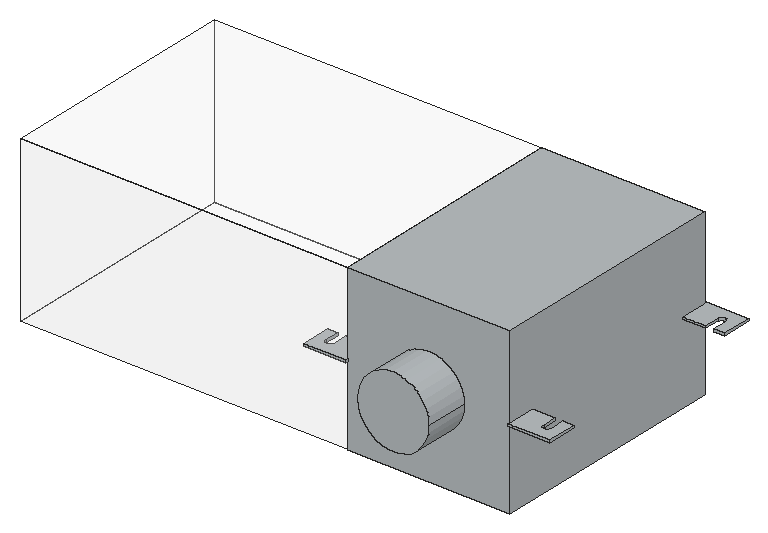
Revit family "bfs-15_240sg2_tg2_ta2_50Hz", category 機械設備, Revit 2019
Family settings
  丸型コネクタ寸法 = 直径を使用
  パーツ タイプ = 割り込み
  OmniClass 番号 = 23.75.35.17.27
  OmniClass タイトル = Centrifugal Fans
  作業面ベース = いいえ
  常に垂直 = はい
  ロード時にボイドで切り取り = いいえ
  共有 = いいえ
  部屋計算ポイント = はい
Parameters (values of type "BFS-15SG2")
  騒音レベル(dB(A))_吸込 = 28.5
  騒音レベル(dB(A))_吐出 = 32
  騒音レベル(dB(A))_側面 = 18
  騒音レベル(dB(A)) = 32
  風量 [instance] = 設計風量  # 0.0 m³/h
  電源種別 [instance] = "一般"
  電圧 = 100 V
  電動機出力 = 8 W
  電動機_種別 [instance] = ""
  運転質量 = 0.00 kg
  連動 [instance] = ""
  質量 = if(製品質量 > 運転質量, 製品質量, 運転質量) * 1.2  # 7.20 kg
  負荷分類 = 3_ファン類
  説明 = "ストレートシロッコファン天吊埋込タイプ（標準形）"
  設計風量 [instance] = 0.0 m³/h
  設置方法 = "天吊"
  記号 [instance] = ""
  製造元 = "三菱電機株式会社"
  製品質量 = 6.00 kg
  製品出荷対象 = "国内"
  製品リリース年月 = "2022年6月1日"
  製品グループ = ""
  系統 [instance] = ""
  符号 [instance] = if(☑給気／□排気, "FS", "FE")  # "FE"
  積算_科目 = "2 換気設備"
  積算_拾い区分 [instance] = ""
  相 = 1
  盤記号 [instance] = ""
  盤工事区分 = "電気工事"
  発停方法 [instance] = "別売スイッチ"
  番手 = "#1"
  特殊仕様 [instance] = ""
  火災停止 = ""
  消費電力 = 20.5 W
  法定耐用年数 = "15"
  機外静圧 [instance] = 0.0 Pa
  極数 = 2
  極 = 4
  材質 [instance] = ""
  本体マテリアル = 溶融亜鉛めっき鋼板
  操作・制御方式 = ""
  操作・制御スイッチ = ""
  排気量 [instance] = if(☑給気／□排気, 0.0 m³/h, 設計風量)  # 0.0 m³/h
  形式 = ""
  形名 = BFS-SG : BFS-15SG
  幹線記号 [instance] = ""
  対象室 [instance] = ""
  実風量 = 0.0 m³/h
  始動方式 [instance] = "直入"
  外気量 [instance] = if(☑給気／□排気, 設計風量, 0.0 m³/h)  # 0.0 m³/h
  呼称 = "消音ボックス付送風機"
  周波数 = 50 Hz
  天吊金具ピッチ幅 = 299 mm
  天吊金具ピッチ奥行 = 300 mm
  参照している仕様書等のバージョン = ""
  分類コード = "50052502100020"
  分類グループ = ""
  価格 = 42500
  企業コード = "108420"
  付属品_防振装置 = ""
  付属品 [instance] = ""
  仕様書バージョン = "Version1.0"
  モデル = "BFS-15SG2"
  ファンの種類 = "多翼形"
  ダクト径 = 100 mm
  サービススペース = yes
  コメント [instance] = ""
  Keynote = ""
  ☑給気／□排気 [instance] = no
  Width = 223 mm
  Version = ""
  Uniclass2015Version = "Systems v1.9"
  Uniclass2015Title = "Centrifugal fans"
  Uniclass2015Code = "Pr_65_67_29_12"
  URL = "https://www.mitsubishielectric.co.jp/ldg/wink/ssl/displayProduct.do?pid=319023"
  SpecificationReference = ""
  SpecificationDescription = ""
  Revision = ""
  ProductInformation = ""
  OmniClassCode = "23-33 31 19 13 15"
  MIN風量 = 108.0 m³/h
  MIN静圧 = 19.0 Pa
  MID風量 = 0.0 m³/h
  MID静圧 = 0.0 Pa
  MAX風量 = 150.0 m³/h
  MAX静圧 = 39.0 Pa
  M = 100 mm
  IfcTypeProduct = ""
  IfcProduct = ""
  IfcExportType = "CENTRIFUGALFORWARDCURVED"
  IfcExportAs = "IfcFanType"
  Height = 225 mm
  Depth = 335 mm
  Clearance Top = 0 mm  # constant formula
  Clearance Right = 0 mm  # constant formula
  Clearance Left = 450 mm  # constant formula
  Clearance Front = 0 mm  # constant formula
  Clearance Bottom = 0 mm  # constant formula
  Clearance Back = 0 mm  # constant formula
  Author = "三菱電機株式会社"
Types (18, lengths in mm): name | 騒音レベル(dB(A))_吸込 | 騒音レベル(dB(A))_吐出 | 騒音レベル(dB(A))_側面 | 騒音レベル(dB(A)) | 電圧 | 電動機出力 | 質量 | 製品質量 | 相 | 番手 | 消費電力 | 極数 | 形名 | 天吊金具ピッチ幅 | 天吊金具ピッチ奥行 | 参照している仕様書等のバージョン | 価格 | モデル | ダクト径 | Width | URL | MIN風量 | MIN静圧 | MAX風量 | MAX静圧 | M | Height | Depth
  BFS-15SG2 | 28.5 | 32 | 18 | 32 | 100 V | 8 W | 7.20 kg | 6.00 kg | 1 | "#1" | 20.5 W | 2 | BFS-SG : BFS-15SG | 299 | 300 | "" | 42500 | "BFS-15SG2" | 100 | 223 | "https://www.mitsubishielectric.co.jp/ldg/wink/ssl/displayProduct.do?pid=319023" | 108.0 m³/h | 19.0 Pa | 150.0 m³/h | 39.0 Pa | 100 | 225 | 335
  BFS-30SG2 | 36 | 40 | 22 | 40 | 100 V | 16 W | 7.20 kg | 6.00 kg | 1 | "#1" | 37 W | 2 | BFS-SG : BFS-30SG | 299 | 300 | "" | 61500 | "BFS-30SG2" | 150 | 223 | "https://www.mitsubishielectric.co.jp/ldg/wink/ssl/displayProduct.do?pid=319096" | 201.0 m³/h | 18.0 Pa | 300.0 m³/h | 39.0 Pa | 100 | 225 | 335
  BFS-40SG2 | 37.5 | 43 | 25.5 | 43 | 100 V | 25 W | 9.60 kg | 8.00 kg | 1 | "#1 1/4" | 57 W | 2 | BFS-SG : BFS-40SG | 331 | 353 | "" | 72600 | "BFS-40SG2" | 150 | 255 | "https://www.mitsubishielectric.co.jp/ldg/wink/ssl/displayProduct.do?pid=319101" | 291.0 m³/h | 30.0 Pa | 400.0 m³/h | 59.0 Pa | 100 | 255 | 388
  BFS-50SG2 | 36 | 48 | 24 | 48 | 100 V | 45 W | 12.60 kg | 10.50 kg | 1 | "#1 1/4" | 73.5 W | 2 | BFS-SG : BFS-50SG | 401 | 388 | "公共建築工事標準仕様書（機械設備工事編）平成31年度版" | 103000 | "BFS-50SG2" | 200 | 325 | "https://www.mitsubishielectric.co.jp/ldg/wink/ssl/displayProduct.do?pid=319109" | 418.0 m³/h | 97.0 Pa | 500.0 m³/h | 130.0 Pa | 100 | 255 | 423
  BFS-65SG2 | 36 | 51 | 27 | 51 | 100 V | 65 W | 15.60 kg | 13.00 kg | 1 | "#1 1/4" | 105 W | 2 | BFS-SG : BFS-65SG | 449 | 453 | "公共建築工事標準仕様書（機械設備工事編）平成31年度版" | 109000 | "BFS-65SG2" | 200 | 373 | "https://www.mitsubishielectric.co.jp/ldg/wink/ssl/displayProduct.do?pid=319120" | 546.0 m³/h | 83.0 Pa | 650.0 m³/h | 118.0 Pa | 100 | 305 | 488
  BFS-80SG2 | 39 | 52 | 28.5 | 52 | 100 V | 80 W | 16.20 kg | 13.50 kg | 1 | "#1 1/4" | 137 W | 2 | BFS-SG : BFS-80SG | 449 | 453 | "公共建築工事標準仕様書（機械設備工事編）平成31年度版" | 115000 | "BFS-80SG2" | 200 | 373 | "https://www.mitsubishielectric.co.jp/ldg/wink/ssl/displayProduct.do?pid=318896" | 650.0 m³/h | 64.0 Pa | 800.0 m³/h | 98.0 Pa | 100 | 305 | 488
  BFS-90SG2 | 39.5 | 55 | 31.5 | 55 | 100 V | 110 W | 18.60 kg | 15.50 kg | 1 | "#1 1/2" | 160 W | 2 | BFS-SG : BFS-90SG | 469 | 453 | "公共建築工事標準仕様書（機械設備工事編）平成31年度版" | 122000 | "BFS-90SG2" | 200 | 393 | "https://www.mitsubishielectric.co.jp/ldg/wink/ssl/displayProduct.do?pid=318809" | 745.0 m³/h | 88.0 Pa | 900.0 m³/h | 128.0 Pa | 100 | 305 | 488
  BFS-100SG2 | 42 | 57 | 32.5 | 57 | 100 V | 160 W | 19.20 kg | 16.00 kg | 1 | "#1 1/2" | 198 W | 2 | BFS-SG : BFS-100SG | 469 | 453 | "公共建築工事標準仕様書（機械設備工事編）平成31年度版" | 129000 | "BFS-100SG2" | 200 | 393 | "https://www.mitsubishielectric.co.jp/ldg/wink/ssl/displayProduct.do?pid=318845" | 914.0 m³/h | 121.0 Pa | 1000.0 m³/h | 145.0 Pa | 100 | 305 | 488
  BFS-120SG2 | 45.5 | 58 | 34 | 58 | 100 V | 200 W | 23.40 kg | 19.50 kg | 1 | "#1 1/2" | 277 W | 2 | BFS-SG : BFS-120SG | 467 | 555 | "公共建築工事標準仕様書（機械設備工事編）平成31年度版" | 140000 | "BFS-120SG2" | 250 | 391 | "https://www.mitsubishielectric.co.jp/ldg/wink/ssl/displayProduct.do?pid=318949" | 1088.0 m³/h | 180.0 Pa | 1200.0 m³/h | 220.0 Pa | 100 | 350 | 590
  BFS-150SG2 | 49 | 61.5 | 36.5 | 61.5 | 100 V | 340 W | 23.40 kg | 19.50 kg | 1 | "#1 1/2" | 388 W | 2 | BFS-SG : BFS-150SG | 467 | 555 | "公共建築工事標準仕様書（機械設備工事編）平成31年度版" | 149000 | "BFS-150SG2" | 250 | 391 | "https://www.mitsubishielectric.co.jp/ldg/wink/ssl/displayProduct.do?pid=318957" | 1350.0 m³/h | 145.0 Pa | 1500.0 m³/h | 180.0 Pa | 100 | 350 | 590
  BFS-80TG2 | 39 | 52 | 31 | 52 | 200 V | 80 W | 18.00 kg | 15.00 kg | 3 | "#1 1/4" | 124 W | 3 | BFS-TG : BFS-80TG | 449 | 453 | "公共建築工事標準仕様書（機械設備工事編）平成31年度版" | 115000 | "BFS-80TG2" | 200 | 373 | "https://www.mitsubishielectric.co.jp/ldg/wink/ssl/displayProduct.do?pid=318465" | 595.0 m³/h | 54.0 Pa | 800.0 m³/h | 98.0 Pa | 85 | 305 | 488
  BFS-90TG2 | 40 | 55 | 32 | 55 | 200 V | 100 W | 18.60 kg | 15.50 kg | 3 | "#1 1/2" | 159 W | 3 | BFS-TG : BFS-90TG | 469 | 453 | "公共建築工事標準仕様書（機械設備工事編）平成31年度版" | 122000 | "BFS-90TG2" | 200 | 393 | "https://www.mitsubishielectric.co.jp/ldg/wink/ssl/displayProduct.do?pid=318811" | 700.0 m³/h | 77.0 Pa | 900.0 m³/h | 128.0 Pa | 85 | 305 | 488
  BFS-100TG2 | 42 | 57 | 32.5 | 57 | 200 V | 150 W | 18.60 kg | 15.50 kg | 3 | "#1 1/2" | 180 W | 3 | BFS-TG : BFS-100TG | 469 | 453 | "公共建築工事標準仕様書（機械設備工事編）平成31年度版" | 129000 | "BFS-100TG2" | 200 | 393 | "https://www.mitsubishielectric.co.jp/ldg/wink/ssl/displayProduct.do?pid=318946" | 800.0 m³/h | 92.0 Pa | 1000.0 m³/h | 145.0 Pa | 85 | 305 | 488
  BFS-120TG2 | 45.5 | 58 | 34.5 | 58 | 200 V | 180 W | 23.40 kg | 19.50 kg | 3 | "#1 1/2" | 275 W | 3 | BFS-TG : BFS-120TG | 467 | 555 | "公共建築工事標準仕様書（機械設備工事編）平成31年度版" | 140000 | "BFS-120TG2" | 250 | 391 | "https://www.mitsubishielectric.co.jp/ldg/wink/ssl/displayProduct.do?pid=318953" | 895.0 m³/h | 120.0 Pa | 1200.0 m³/h | 220.0 Pa | 85 | 350 | 590
  BFS-150TG2 | 48.5 | 61.5 | 37 | 61.5 | 200 V | 280 W | 24.00 kg | 20.00 kg | 3 | "#1 1/2" | 355 W | 3 | BFS-TG : BFS-150TG | 467 | 555 | "公共建築工事標準仕様書（機械設備工事編）平成31年度版" | 149000 | "BFS-150TG2" | 250 | 391 | "https://www.mitsubishielectric.co.jp/ldg/wink/ssl/displayProduct.do?pid=318965" | 1165.0 m³/h | 108.0 Pa | 1500.0 m³/h | 180.0 Pa | 85 | 350 | 590
  BFS-180TG2 | 49 | 63.5 | 38 | 63.5 | 200 V | 360 W | 27.00 kg | 22.50 kg | 3 | "#1 1/2" | 445 W | 3 | BFS-TG : BFS-180TG | 552 | 610 | "公共建築工事標準仕様書（機械設備工事編）平成31年度版" | 170000 | "BFS-180TG2" | 250 | 476 | "https://www.mitsubishielectric.co.jp/ldg/wink/ssl/displayProduct.do?pid=319027" | 0.0 m³/h | 0.0 Pa | 1800.0 m³/h | 167.0 Pa | 85 | 350 | 645
  BFS-210TG2 | 52.5 | 66.5 | 39 | 66.5 | 200 V | 490 W | 27.00 kg | 22.50 kg | 3 | "#1 1/2" | 516 W | 3 | BFS-TG : BFS-210TG | 552 | 610 | "公共建築工事標準仕様書（機械設備工事編）平成31年度版" | 243000 | "BFS-210TG2" | 300 | 476 | "https://www.mitsubishielectric.co.jp/ldg/wink/ssl/displayProduct.do?pid=319036" | 0.0 m³/h | 0.0 Pa | 2100.0 m³/h | 191.0 Pa | 100 | 350 | 645
  BFS-240TA2 | 51.5 | 69 | 42 | 69 | 200 V | 1100 W | 39.60 kg | 33.00 kg | 3 | "#1 1/2" | 610 W | 3 | BFS-TG : BFS-240TA | 602 | 664 | "公共建築工事標準仕様書（機械設備工事編）平成31年度版" | 250000 | "BFS-240TA2" | 300 | 493 | "https://www.mitsubishielectric.co.jp/ldg/wink/ssl/displayProduct.do?pid=319087" | 0.0 m³/h | 0.0 Pa | 2400.0 m³/h | 220.0 Pa | 100 | 373 | 717
Reference planes
  plane 1 "中心(正面/背面)": y = 0
  plane 2: z = 0
  plane 3 "中心(左/右)": x = -50
  plane 4 "左": x = -161.5
  plane 5 "右": x = 61.5
  plane 6 "背面": y = 167.5
  plane 7 "正面": y = -167.5
  plane 8: z = 112.5
  plane 9: y = 150
  plane 10: y = -150
  plane 11: x = 99.5
  plane 12: x = -199.5
  plane 13: z = -112.5
  plane 14: y = 167.5
  plane 15: y = -167.5
  plane 16: x = 61.5
  plane 17: x = -611.5
  plane 18: z = 112.5
  plane 19: z = -112.5
Lines and regions (mm)
  Masking region 1, detail levels coarse+medium
    outline origin (-529.695, -758.229, 0) x (1, 0, 0) y (0, 1, 0)
      loop
        line (368.195, 590.729) -> (591.195, 590.729) -> (591.195, 925.729) -> (368.195, 925.729) -> (368.195, 590.729)
  symbolic lines, detail levels coarse+medium
    curve 1: line (-161.5, 167.5, 0) -> (61.5, 0, 0)
    curve 2: line (61.5, 0, 0) -> (-161.5, -167.5, 0)
Dimensions and locks
  "Width": plane 4 "左" to plane 5 "右"
  equal spacing: plane 7 "正面", plane 1 "中心(正面/背面)", plane 6 "背面"
  "Depth": plane 7 "正面" to plane 6 "背面"
  equal spacing: plane 8, level, plane 13
  "Height": plane 8 to plane 13
  "Clearance Top": plane 18 to plane 8
  "Clearance Bottom": plane 13 to plane 19
  "Clearance Back": plane 6 "背面" to plane 14
  "Clearance Front": plane 15 to plane 7 "正面"
  "Clearance Left": plane 17 to plane 4 "左"
  "Clearance Right": plane 5 "右" to plane 16
  "天吊金具ピッチ幅": plane 12 to plane 11
  equal spacing: plane 10, plane 1 "中心(正面/背面)", plane 9
  "天吊金具ピッチ奥行": plane 10 to plane 9
  equal spacing: plane 12, plane 3 "中心(左/右)", plane 11
  equal spacing: plane 4 "左", plane 3 "中心(左/右)", plane 5 "右"
  aligned and locked: level to plane 2
  aligned and locked: nested 2 to plane 9
  aligned and locked: plane 10 to nested 2
  aligned and locked: plane 12 to nested 2
  aligned and locked: plane 11 to nested 2
  aligned and locked: plane 8 to nested 1
  aligned and locked: nested 1 to plane 13
  aligned and locked: plane 17 to nested 3
  aligned and locked: plane 18 to nested 3
  aligned and locked: plane 19 to nested 3
  aligned and locked: plane 1 "中心(正面/背面)" to nested 1
  aligned and locked: plane 14 to nested 3
  aligned and locked: plane 15 to nested 3
  aligned and locked: plane 4 "左" to nested 3
  aligned and locked: nested 1 to plane 3 "中心(左/右)"
  aligned and locked: plane 5 "右" to Masking region 1
  aligned and locked: Masking region 1 to plane 4 "左"
  aligned and locked: plane 7 "正面" to Masking region 1
  aligned and locked: Masking region 1 to plane 6 "背面"
Automatic sketch dimensions
  Masking region 1 sketch curve to plane 1 "中心(正面/背面)" = 167.5 mm
  plane 17 to Masking region 1 sketch curve = 450 mm
  plane 4 "左" to Masking region 1 sketch curve = 223 mm
  plane 7 "正面" to Masking region 1 sketch curve = 0 mm
  curve 2 to plane 4 "左" = 0 mm
  curve 1 to plane 4 "左" = 0 mm
  plane 1 "中心(正面/背面)" to curve 2 = 0 mm
  curve 2 to plane 5 "右" = 0 mm
  plane 7 "正面" to curve 2 = 0 mm
  plane 6 "背面" to curve 1 = 0 mm
Nested families
  nested 1: "BFS-SG" at (-50, 0, -112.5) x (0, -1, 0) z (0, 0, 1), type <- "形名", type "BFS-15SG"
  nested 2: "固定点" at (-199.5, -150, 0), type "固定点"
    with W 299 mm, D 300 mm
  nested 3: "サービススペース" at (-386.5, 0, 0), visible <- "サービススペース", type "サービススペース"
    with Width 450 mm, Height 225 mm, Depth 335 mm
Connectors
  hvac at (-50, -227.5, 0), driven by "ダクト径", driven by "機外静圧", driven by "風量"
    settings: on nested 1, index 2, duct flow 0.0 m³/h, flow factor 0, pres drop 0.0 Pa, loss coef 0, conn angle 0.00°, conn width 304.8 mm, conn height 304.8 mm, conn diameter 100 mm, duct sys type 29, conn prof type 0, flow config 0, flow direction 2, loss method 4, conn ref index -1, conn util no, is conn primary yes, conn desc "Out"
  hvac at (-50, 227.5, 0), driven by "ダクト径", driven by "機外静圧", driven by "風量"
    settings: on nested 1, index 3, duct flow 0.0 m³/h, flow factor 0, pres drop 0.0 Pa, loss coef 0, conn angle 0.00°, conn width 304.8 mm, conn height 304.8 mm, conn diameter 100 mm, duct sys type 29, conn prof type 0, flow config 0, flow direction 1, loss method 4, conn ref index -1, conn util no, is conn primary no, conn desc "In"
  electrical at (-182.1, -48.05, -20.1), driven by "極数", driven by "負荷分類", driven by "電圧", driven by "消費電力", driven by "消費電力"
    settings: on nested 1, index 4, voltage 100 V, apparent load 20.5 VA, apparent load phase1 20.5 VA, apparent load phase2 0 VA, apparent load phase3 0 VA, power factor 1, load classification "3_ファン類", number of poles 2, system type 30, power factor state 1, is connector primary yes, connector utility no, sub classification motor no, connector description ""
Definition of nested family "BFS-SG"
  Parameters (values of type "BFS-15SG")
    端子カバー高 = 99 mm  # constant formula
    端子カバー手前位置 = 53.7 mm
    端子カバー幅 = 20.6 mm  # constant formula
    端子カバー奥行 = 131.5 mm  # constant formula
    端子カバー上位置 = 83.1 mm
    マテリアル = none
    φ = 98 mm
    Φ = 110 mm
    b = 234 mm
    a = 60 mm
    W = 335 mm
    H = 225 mm
    c = 42 mm
    D = 223 mm
  Types (10, lengths in mm): name | 端子カバー手前位置 | 端子カバー上位置 | φ | Φ | b | a | W | H | c | D
    BFS-15SG | 53.7 | 83.1 | 98 | 110 | 234 | 60 | 335 | 225 | 42 | 223
    BFS-30SG | 53.7 | 83.1 | 142 | 160 | 234 | 70 | 335 | 225 | 42 | 223
    BFS-40SG | 62.3 | 106.7 | 142 | 160 | 291 | 70 | 388 | 255 | 51 | 255
    BFS-50SG | 62.3 | 106.7 | 192 | 208 | 264 | 85 | 423 | 255 | 51 | 325
    BFS-65SG | 63.9 | 139.9 | 192 | 208 | 391 | 85 | 488 | 305 | 52 | 373
    BFS-80SG | 63.9 | 139.9 | 192 | 208 | 391 | 85 | 488 | 305 | 52 | 373
    BFS-90SG | 63.9 | 139 | 192 | 208 | 391 | 85 | 488 | 305 | 52 | 393
    BFS-100SG | 63.9 | 139 | 192 | 208 | 391 | 85 | 488 | 305 | 52 | 393
    BFS-120SG | 81.3 | 54.9 | 242 | 258 | 391 | 85 | 590 | 350 | 70 | 391
    BFS-150SG | 81.3 | 54.9 | 242 | 258 | 391 | 85 | 590 | 350 | 70 | 391
  Reference planes
    plane 1 "中心(正面/背面)": y = 0
    plane 2: z = 0
    plane 3 "中心(左/右)": x = 0
    plane 4: y = 111.5
    plane 5: y = 149.5
    plane 6: y = 169.5
    plane 7: y = -111.5
    plane 8: y = -149.5
    plane 9: y = -169.5
    plane 10: x = -167.5
    plane 11: x = -150
    plane 12: x = -170.5
    plane 13: x = 167.5
    plane 14: x = 150
    plane 15: x = 170.5
    plane 16: z = 225
    plane 17: z = 600
    plane 18: z = 900
    plane 19: z = 1200
    plane 20: x = -120.2
    plane 21: x = 113.8
    plane 22: x = 227.5
    plane 23: x = -227.5
    plane 24: z = 112.5
    plane 25: z = 109.5
    plane 26: z = 71.5
    plane 27: x = -129.5
    plane 28: y = -114.5
    plane 29: z = 94.5
    plane 30: x = 129.5
    plane 31: y = 114.5
    plane 32: x = -17.7
    plane 33: z = 141.9
    plane 34: z = 42.9
    plane 35: y = -132.1
    plane 36: z = 131.9
    plane 37: z = 52.9
    plane 38: x = 93.8
    plane 39: x = 2.3
  Forms (mm)
    Extrusion 1, solid, material <- "マテリアル", detail levels fine
      sketch origin (0, 0, 0) x (1, 0, 0) y (0, 1, 0)
        loop
          line (-167.5, 111.5) -> (-167.5, -111.5) -> (167.5, -111.5) -> (167.5, 111.5) -> (-167.5, 111.5)
      from 0 to 225
    Extrusion 2, solid, material <- "マテリアル", detail levels fine
      sketch origin (0, 0, 0) x (1, 0, 0) y (0, 1, 0)
        loop
          line (-170.5, -111.5) -> (-170.5, -169.5) -> (-129.5, -169.5) -> (-129.5, -155) -> (-150, -155)
          arc (-150, -155) -> (-155.5, -149.5) -> (-150, -144) r 5.5
          line (-150, -144) -> (-129.5, -144) -> (-129.5, -111.5) -> (-170.5, -111.5)
      from 109.5 to 112.5
    Extrusion 3, solid, material <- "マテリアル", detail levels fine
      sketch origin (0, 0, 0) x (1, 0, 0) y (0, 1, 0)
        loop
          line (-170.5, 111.5) -> (-129.5, 111.5) -> (-129.5, 144) -> (-150, 144)
          arc (-150, 144) -> (-155.5, 149.5) -> (-150, 155) r 5.5
          line (-150, 155) -> (-129.5, 155) -> (-129.5, 169.5) -> (-170.5, 169.5) -> (-170.5, 111.5)
      from 109.5 to 112.5
    Extrusion 4, solid, material <- "マテリアル", detail levels fine
      sketch origin (0, 0, 0) x (-1, 0, 0) y (0, -1, 0)
        loop
          line (-170.5, -111.5) -> (-170.5, -169.5) -> (-129.5, -169.5) -> (-129.5, -155) -> (-150, -155)
          arc (-150, -155) -> (-155.5, -149.5) -> (-150, -144) r 5.5
          line (-150, -144) -> (-129.5, -144) -> (-129.5, -111.5) -> (-170.5, -111.5)
      from 109.5 to 112.5
    Extrusion 5, solid, material <- "マテリアル", detail levels fine
      sketch origin (0, 0, 0) x (-1, 0, 0) y (0, -1, 0)
        loop
          line (-170.5, 111.5) -> (-129.5, 111.5) -> (-129.5, 144) -> (-150, 144)
          arc (-150, 144) -> (-155.5, 149.5) -> (-150, 155) r 5.5
          line (-150, 155) -> (-129.5, 155) -> (-129.5, 169.5) -> (-170.5, 169.5) -> (-170.5, 111.5)
      from 109.5 to 112.5
    Extrusion 6, solid, material <- "マテリアル", detail levels fine
      sketch origin (0, 0, 0) x (0, 1, 0) y (0, 0, 1)
        loop
          circle (0, 112.5) r 49
      from -167.5 to -227.5
    Extrusion 7, solid, material <- "マテリアル", detail levels fine
      sketch origin (0, 0, 0) x (0, 1, 0) y (0, 0, -1)
        loop
          circle (0, -112.5) r 49
      from -167.5 to -227.5
    Extrusion 8, solid, material <- "マテリアル", detail levels fine
      sketch origin (0, 0, 0) x (1, 0, 0) y (0, 0, 1)
        loop
          line (113.8, 141.9) -> (-17.7, 141.9) -> (-17.7, 42.9) -> (113.8, 42.9) -> (113.8, 141.9)
      from 111.5 to 132.1
  Dimensions and locks
    plane 12 to plane 15 = 341 mm
    plane 11 to plane 14 = 300 mm
    "W": plane 10 to plane 13
    plane 9 to plane 6 = 339 mm
    plane 8 to plane 5 = 299 mm
    "D": plane 7 to plane 4
    equal spacing: plane 7, plane 1 "中心(正面/背面)", plane 4
    equal spacing: plane 10, plane 3 "中心(左/右)", plane 13
    "H": plane 16 to level
    locked: plane 4 to plane 5 at 38
    locked: plane 5 to plane 6 at 20
    locked: plane 8 to plane 7 at 38
    locked: plane 9 to plane 8 at 20
    locked: plane 10 to plane 11 at 17.5
    locked: plane 14 to plane 13 at 17.5
    locked: plane 13 to plane 15 at 3
    locked: plane 12 to plane 10 at 3
    equal spacing: plane 16, plane 24, level
    locked: plane 24 to plane 25 at 3
    locked: plane 24 to plane 26 at 41
    locked: plane 12 to plane 27 at 41
    locked: plane 28 to plane 7 at 3
    locked: plane 25 to plane 29 at 15
    locked: plane 30 to plane 15 at 41
    locked: plane 31 to plane 4 at 3
    "a": plane 23 to plane 10
    "a": plane 13 to plane 22
    "端子カバー手前位置": plane 13 to plane 21
    "b": plane 21 to plane 20
    "端子カバー奥行": plane 21 to plane 32
    "端子カバー高": plane 33 to plane 34
    "端子カバー幅": plane 35 to plane 7
    locked: plane 33 to plane 36 at 10
    locked: plane 37 to plane 34 at 10
    locked: plane 39 to plane 32 at 20
    locked: plane 21 to plane 38 at 20
    "端子カバー上位置": plane 16 to plane 33
    "φ": diameter of Extrusion 6 sketch curve
    "φ": diameter of Extrusion 7 sketch curve
    aligned and locked: level to plane 2
    aligned and locked: plane 4 to Extrusion 1 sketch curve
    aligned and locked: plane 10 to Extrusion 1 sketch curve
    aligned and locked: Extrusion 1 sketch curve to plane 7
    aligned and locked: Extrusion 1 sketch curve to plane 13
    aligned and locked: plane 16 to Extrusion 1
    aligned and locked: plane 7 to Extrusion 2 sketch curve
    aligned and locked: plane 12 to Extrusion 2 sketch curve
    aligned and locked: Extrusion 2 sketch curve to plane 9
    aligned and locked: Extrusion 2 sketch curve to plane 27  (x2)
    aligned and locked: plane 11 to Extrusion 2 sketch curve
    aligned and locked: plane 8 to Extrusion 2 sketch curve
    aligned and locked: plane 24 to Extrusion 2
    aligned and locked: Extrusion 2 to plane 25
    aligned and locked: plane 27 to Extrusion 3 sketch curve  (x2)
    aligned and locked: plane 5 to Extrusion 3 sketch curve
    aligned and locked: plane 11 to Extrusion 3 sketch curve
    aligned and locked: Extrusion 3 sketch curve to plane 6
    aligned and locked: Extrusion 3 sketch curve to plane 12
    aligned and locked: plane 4 to Extrusion 3 sketch curve
    aligned and locked: plane 24 to Extrusion 3
    aligned and locked: Extrusion 3 to plane 25
    aligned and locked: Extrusion 4 to plane 6
    aligned and locked: plane 15 to Extrusion 4
    aligned and locked: Extrusion 4 to plane 30
    aligned and locked: plane 30 to Extrusion 4 sketch curve  (x2)
    aligned and locked: plane 6 to Extrusion 4 sketch curve
    aligned and locked: Extrusion 4 sketch curve to plane 15
    aligned and locked: plane 5 to Extrusion 4 sketch curve
    aligned and locked: plane 14 to Extrusion 4 sketch curve
    aligned and locked: Extrusion 4 sketch curve to plane 4
    aligned and locked: Extrusion 4 to plane 25
    aligned and locked: plane 24 to Extrusion 4
    aligned and locked: plane 9 to Extrusion 5 sketch curve
    aligned and locked: plane 15 to Extrusion 5 sketch curve
    aligned and locked: Extrusion 5 sketch curve to plane 7
    aligned and locked: Extrusion 5 sketch curve to plane 30  (x2)
    aligned and locked: plane 14 to Extrusion 5 sketch curve
    aligned and locked: plane 8 to Extrusion 5 sketch curve
    aligned and locked: Extrusion 5 to plane 25
    aligned and locked: plane 24 to Extrusion 5
    aligned and locked: plane 1 "中心(正面/背面)" to Extrusion 6 sketch curve
    aligned and locked: plane 24 to Extrusion 6 sketch curve
    aligned and locked: Extrusion 6 to plane 23
    aligned and locked: plane 24 to Extrusion 7 sketch curve
    aligned and locked: plane 1 "中心(正面/背面)" to Extrusion 7 sketch curve
    aligned and locked: plane 22 to Extrusion 7
    aligned and locked: plane 33 to Extrusion 8 sketch curve
    aligned and locked: plane 21 to Extrusion 8 sketch curve
    aligned and locked: Extrusion 8 sketch curve to plane 34
    aligned and locked: Extrusion 8 sketch curve to plane 32
    aligned and locked: Extrusion 8 to plane 7
    aligned and locked: plane 35 to Extrusion 8
    aligned and locked: Extrusion 7 to plane 13
    aligned and locked: plane 10 to Extrusion 6
  Automatic sketch dimensions
    Extrusion 2 sketch curve to plane 11 = 0 mm
    plane 8 to Extrusion 2 sketch curve = 5.5 mm
    Extrusion 3 sketch curve to plane 11 = 0 mm
    plane 5 to Extrusion 3 sketch curve = 5.5 mm
    Extrusion 4 sketch curve to plane 14 = 0 mm
    Extrusion 4 sketch curve to plane 5 = 5.5 mm
    Extrusion 5 sketch curve to plane 14 = 0 mm
    Extrusion 5 sketch curve to plane 8 = 5.5 mm
Definition of nested family "サービススペース"
  Parameters (values of type "サービススペース")
    Width [instance] = 500 mm
    Height [instance] = 500 mm
    Depth [instance] = 500 mm
  Reference planes
    plane 1 "中心(正面/背面)": y = 0
    plane 2: z = 0
    plane 3 "中心(左/右)": x = 0
    plane 4: y = -250
    plane 5: x = 250
    plane 6: y = 250
    plane 7: x = -250
    plane 8: z = 250
    plane 9: z = -250
  Forms (mm)
    Extrusion 1, solid
      sketch origin (-638.939, 0, 72.39) x (1, 0, 0) y (0, 1, 0)
        loop
          line (388.939, 250) -> (388.939, -250) -> (888.939, -250) -> (888.939, 250) -> (388.939, 250)
      from -322.39 to 177.61
  Lines and regions (mm)
    symbolic lines
      curve 1: line (-250, 0, 250) -> (250, 0, 250)
      curve 2: line (-250, 0, -250) -> (-250, 0, 250)
      curve 3: line (250, 0, -250) -> (-250, 0, -250)
      curve 4: line (250, 0, 250) -> (250, 0, -250)
      curve 5: line (0, -250, 250) -> (0, 250, 250)
      curve 6: line (0, -250, -250) -> (0, -250, 250)
      curve 7: line (0, 250, -250) -> (0, -250, -250)
      curve 8: line (0, 250, 250) -> (0, 250, -250)
      curve 9: line (-250, 250, 0) -> (250, 250, 0)
      curve 10: line (-250, -250, 0) -> (-250, 250, 0)
      curve 11: line (250, -250, 0) -> (-250, -250, 0)
      curve 12: line (250, 250, 0) -> (250, -250, 0)
  Dimensions and locks
    equal spacing: plane 7, plane 3 "中心(左/右)", plane 5
    equal spacing: plane 4, plane 1 "中心(正面/背面)", plane 6
    "Depth": plane 4 to plane 6
    "Width": plane 7 to plane 5
    equal spacing: plane 8, plane 2, plane 9
    "Height": plane 8 to plane 9
    aligned and locked: plane 9 to curve 3
    aligned and locked: plane 7 to curve 2
    aligned and locked: curve 4 to plane 5
    aligned and locked: plane 5 to Extrusion 1
    aligned and locked: Extrusion 1 to plane 7
    aligned and locked: Extrusion 1 to plane 9
    aligned and locked: plane 8 to Extrusion 1
    aligned and locked: plane 9 to curve 7
  Automatic sketch dimensions
    plane 4 to Extrusion 1 sketch curve = 0 mm
    Extrusion 1 sketch curve to plane 7 = 0 mm
    Extrusion 1 sketch curve to plane 5 = 0 mm
    plane 6 to Extrusion 1 sketch curve = 0 mm
    curve 2 to plane 8 = 0 mm
    plane 4 to curve 11 = 0 mm
    curve 11 to plane 7 = 0 mm
    curve 11 to plane 5 = 0 mm
    plane 6 to curve 10 = 0 mm
    curve 7 to plane 4 = 0 mm
    curve 7 to plane 6 = 0 mm
    curve 6 to plane 8 = 0 mm
Definition of nested family "固定点"
  Parameters (values of type "固定点")
    中心円 = 11 mm
    W [instance] = 1000 mm
    D [instance] = 1000 mm
  Reference planes
    plane 1 "中心(正面/背面)": y = 0
    plane 2: z = 0
    plane 3 "中心(左/右)": x = 0
    plane 4: x = 1000
    plane 5: y = 1000
  Lines and regions (mm)
    symbolic lines, detail levels fine
      curve 1: circle (0, 1000, 0) r 5.5 normal (0, 0, 1)
      curve 2: circle (0, 0, 0) r 5.5 normal (0, 0, 1)
      curve 3: circle (1000, 1000, 0) r 5.5 normal (0, 0, 1)
      curve 4: circle (1000, 0, 0) r 5.5 normal (0, 0, 1)
      curve 5: line (-200, 1000, 0) -> (1200, 1000, 0)
      curve 6: line (-200, 0, 0) -> (1200, 0, 0)
      curve 7: line (0, 1200, 0) -> (0, -200, 0)
      curve 8: line (1000, 1200, 0) -> (1000, -200, 0)
  Dimensions and locks
    "W": plane 3 "中心(左/右)" to plane 4
    "D": plane 1 "中心(正面/背面)" to plane 5
    "中心円": diameter of curve 1
    "中心円": diameter of curve 2
    "中心円": diameter of curve 3
    "中心円": diameter of curve 4
    aligned and locked: level to plane 2
    aligned and locked: plane 5 to curve 1
    aligned and locked: plane 3 "中心(左/右)" to curve 1
    aligned and locked: plane 3 "中心(左/右)" to curve 2
    aligned and locked: plane 1 "中心(正面/背面)" to curve 2
    aligned and locked: plane 4 to curve 3
    aligned and locked: plane 5 to curve 3
    aligned and locked: plane 1 "中心(正面/背面)" to curve 4
    aligned and locked: plane 4 to curve 4
    aligned and locked: plane 1 "中心(正面/背面)" to curve 6
    aligned and locked: curve 7 to plane 3 "中心(左/右)"
    aligned and locked: curve 8 to plane 4
  Automatic sketch dimensions
    curve 5 to plane 5 = 0 mm
    curve 6 to plane 3 "中心(左/右)" = 200 mm
    curve 5 to plane 3 "中心(左/右)" = 200 mm
    curve 4 to curve 6 = 200 mm
    curve 3 to curve 5 = 200 mm
    plane 1 "中心(正面/背面)" to curve 8 = 200 mm
    plane 1 "中心(正面/背面)" to curve 7 = 200 mm
    curve 3 to curve 8 = 200 mm
    curve 1 to curve 7 = 200 mm
